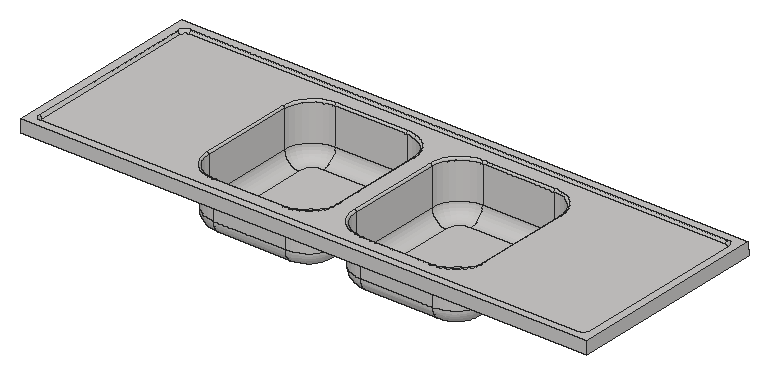
Revit family
Parameters (values of type "1500 X 535")
  Waste Connection Diameter = 40 mm
  Width Of Bowl = 400 mm
  Waste Connection Radius = Waste Connection Diameter / 2  # 20 mm
  Waste Connection = 1 = 1  # yes
  WFU = 0
  Vent Connection = 1 = 0  # no
  URL = "http://www.autospec.co.za/browse.php?id=1937217983"
  Product Code = "SSO-1500-DC"
  OmniClass Title = ""
  OmniClass Number = ""
  Modspec Classification = ""
  Specification = ""
  Material = Stainless Steel Grade 304
  Location (revit room) = ""
  Length Of Bowl = 340 mm
  HW Connection = 1 = 0  # no
  Description = ""
  Depth Of Bowl = 150 mm
  Colour = none
  CW Connection = 1 = 0  # no
  Body Finish = none
  Width = 535 mm
  Model = "Sit-On Sink Double Central Bowls SSO-1500-DC"
  Manufacturer = "Kwikot"  # constant formula
  Length = 1500 mm
  Assembly Code = "D2010410"
Reference planes
  plane 1 "Center (Front/Back)": y = 0
  plane 2 "Bottom": z = 0
  plane 3 "Center (Left/Right)": x = 0
  plane 4 "Right": x = 1500
  plane 5 "Back": y = 535
  plane 6 "Top": z = 150
  plane 7: z = 118
  plane 8: x = 385
  plane 9: x = 725
  plane 10: y = 267.5
  plane 11: y = 467.5
  plane 12: y = 67.5
  plane 13: x = 555
  plane 14: z = 142
  plane 15: x = 775
  plane 16: x = 1115
  plane 17: x = 945
  plane 18: x = 750
Forms (mm)
  Sweep 1, solid, material "Stainless Steel Grade 304" <- "Material"
    path origin (-60.109, -1524, 150) x (-1, 0, 0) y (0, -1, 0)
      loop
        line (-60.109, -2059) -> (-60.109, -1524) -> (-1560.109, -1524) -> (-1560.109, -2059) -> (-60.109, -2059)
    profile origin (750, 535, 150) x (0, 1, 0) y (0, 0, 1)
      loop
        line (-15, 0) -> (-15, -10.5) -> (-2.5, -10.5) -> (-2.5, -29.5) -> (-10, -29.5) -> (-10, -32) -> (0, -32) -> (0, 0) -> (-15, 0)
  Extrusion 2, solid, material "Stainless Steel Grade 304" <- "Material"
    sketch origin (-60.109, -1524, 150) x (-1, 0, 0) y (0, -1, 0)
      loop
        line (-75.109, -1539) -> (-1545.109, -1539) -> (-1545.109, -2044) -> (-75.109, -2044) -> (-75.109, -1539)
    from 0 to -10.5
  Extrusion 3, void
    sketch origin (-60.109, -1524, 150) x (0, -1, 0) y (-1, 0, 0)
      loop
        line (-1991.5, -520.109) -> (-1991.5, -710.109)
        arc (-1991.5, -710.109) -> (-1969.533, -763.142) -> (-1916.5, -785.109) r 75
        line (-1916.5, -785.109) -> (-1666.5, -785.109)
        arc (-1666.5, -785.109) -> (-1613.467, -763.142) -> (-1591.5, -710.109) r 75
        line (-1591.5, -710.109) -> (-1591.5, -520.109)
        arc (-1591.5, -520.109) -> (-1613.467, -467.076) -> (-1666.5, -445.109) r 75
        line (-1666.5, -445.109) -> (-1916.5, -445.109)
        arc (-1916.5, -445.109) -> (-1969.533, -467.076) -> (-1991.5, -520.109) r 75
      loop
        line (-1991.5, -910.109) -> (-1991.5, -1100.109)
        arc (-1991.5, -1100.109) -> (-1969.533, -1153.142) -> (-1916.5, -1175.109) r 75
        line (-1916.5, -1175.109) -> (-1666.5, -1175.109)
        arc (-1666.5, -1175.109) -> (-1613.467, -1153.142) -> (-1591.5, -1100.109) r 75
        line (-1591.5, -1100.109) -> (-1591.5, -910.109)
        arc (-1591.5, -910.109) -> (-1613.467, -857.076) -> (-1666.5, -835.109) r 75
        line (-1666.5, -835.109) -> (-1916.5, -835.109)
        arc (-1916.5, -835.109) -> (-1969.533, -857.076) -> (-1991.5, -910.109) r 75
    from 0 to 10.5
  Sweep 4, solid, material "Stainless Steel Grade 304" <- "Material"
    path origin (-60.109, -1524, 150) x (-1, 0, 0) y (0, -1, 0)
      loop
        arc (-520.109, -1991.5) -> (-467.076, -1969.533) -> (-445.109, -1916.5) r 75
        line (-445.109, -1916.5) -> (-445.109, -1666.5)
        arc (-445.109, -1666.5) -> (-467.076, -1613.467) -> (-520.109, -1591.5) r 75
        line (-520.109, -1591.5) -> (-710.109, -1591.5)
        arc (-710.109, -1591.5) -> (-763.142, -1613.467) -> (-785.109, -1666.5) r 75
        line (-785.109, -1666.5) -> (-785.109, -1916.5)
        arc (-785.109, -1916.5) -> (-763.142, -1969.533) -> (-710.109, -1991.5) r 75
        line (-710.109, -1991.5) -> (-520.109, -1991.5)
    profile origin (555, 467.5, 150) x (0, 1, 0) y (0, 0, 1)
      loop
        line (0, -10.5) -> (0, -110)
        arc (0, -110) -> (-10.983, -136.517) -> (-37.5, -147.5) r 37.5
        line (-37.5, -147.5) -> (-37.5, -150)
        arc (-37.5, -150) -> (-9.216, -138.284) -> (2.5, -110) r 40
        line (2.5, -110) -> (2.5, -10.5) -> (0, -10.5)
  Extrusion 5, solid, material "Stainless Steel Grade 304" <- "Material"
    sketch origin (0, 0, 0) x (1, 0, 0) y (0, 1, 0)
      loop
        arc (422.5, 142.5) -> (433.483, 115.983) -> (460, 105) r 37.5
        line (460, 105) -> (650, 105)
        arc (650, 105) -> (676.517, 115.983) -> (687.5, 142.5) r 37.5
        line (687.5, 142.5) -> (687.5, 392.5)
        arc (687.5, 392.5) -> (676.517, 419.017) -> (650, 430) r 37.5
        line (650, 430) -> (460, 430)
        arc (460, 430) -> (433.483, 419.017) -> (422.5, 392.5) r 37.5
        line (422.5, 392.5) -> (422.5, 142.5)
      loop
        circle (555, 267.5) r 20
    from 0 to 2.5
  Blend 6, void
    base sketch origin (0, 0, 150) x (-1, 0, 0) y (0, -1, 0)
      loop
        line (-20, -495) -> (-20, -40)
        arc (-20, -40) -> (-25.858, -25.858) -> (-40, -20) r 20
        line (-40, -20) -> (-1460, -20)
        arc (-1460, -20) -> (-1474.142, -25.858) -> (-1480, -40) r 20
        line (-1480, -40) -> (-1480, -495)
        arc (-1480, -495) -> (-1474.142, -509.142) -> (-1460, -515) r 20
        line (-1460, -515) -> (-40, -515)
        arc (-40, -515) -> (-25.858, -509.142) -> (-20, -495) r 20
    top sketch origin (0, 0, 150) x (-1, 0, 0) y (0, -1, 0)
      loop
        line (-25, -495) -> (-25, -40)
        arc (-25, -40) -> (-29.393, -29.393) -> (-40, -25) r 15
        line (-40, -25) -> (-1460, -25)
        arc (-1460, -25) -> (-1470.607, -29.393) -> (-1475, -40) r 15
        line (-1475, -40) -> (-1475, -495)
        arc (-1475, -495) -> (-1470.607, -505.607) -> (-1460, -510) r 15
        line (-1460, -510) -> (-40, -510)
        arc (-40, -510) -> (-29.393, -505.607) -> (-25, -495) r 15
    from 0 to -8
  Extrusion 7, solid, material "Stainless Steel Grade 304" <- "Material"
    sketch origin (0, 0, 0) x (1, 0, 0) y (0, 1, 0)
      loop
        circle (555, 267.5) r 20
    from 0 to -5
  Sweep 8, solid, material "Stainless Steel Grade 304" <- "Material"
    path origin (-60.109, -1524, 150) x (-1, 0, 0) y (0, -1, 0)
      loop
        arc (-1175.109, -1916.5) -> (-1153.142, -1969.533) -> (-1100.109, -1991.5) r 75
        line (-1100.109, -1991.5) -> (-910.109, -1991.5)
        arc (-910.109, -1991.5) -> (-857.076, -1969.533) -> (-835.109, -1916.5) r 75
        line (-835.109, -1916.5) -> (-835.109, -1666.5)
        arc (-835.109, -1666.5) -> (-857.076, -1613.467) -> (-910.109, -1591.5) r 75
        line (-910.109, -1591.5) -> (-1100.109, -1591.5)
        arc (-1100.109, -1591.5) -> (-1153.142, -1613.467) -> (-1175.109, -1666.5) r 75
        line (-1175.109, -1666.5) -> (-1175.109, -1916.5)
    profile origin (1115, 267.5, 150) x (1, 0, 0) y (0, 0, 1)
      loop
        line (0, -10.5) -> (0, -110)
        arc (0, -110) -> (-10.983, -136.517) -> (-37.5, -147.5) r 37.5
        line (-37.5, -147.5) -> (-37.5, -150)
        arc (-37.5, -150) -> (-9.216, -138.284) -> (2.5, -110) r 40
        line (2.5, -110) -> (2.5, -10.5) -> (0, -10.5)
  Extrusion 9, solid, material "Stainless Steel Grade 304" <- "Material"
    sketch origin (0, 0, 0) x (1, 0, 0) y (0, 1, 0)
      loop
        arc (812.5, 142.5) -> (823.483, 115.983) -> (850, 105) r 37.5
        line (850, 105) -> (1040, 105)
        arc (1040, 105) -> (1066.517, 115.983) -> (1077.5, 142.5) r 37.5
        line (1077.5, 142.5) -> (1077.5, 392.5)
        arc (1077.5, 392.5) -> (1066.517, 419.017) -> (1040, 430) r 37.5
        line (1040, 430) -> (850, 430)
        arc (850, 430) -> (823.483, 419.017) -> (812.5, 392.5) r 37.5
        line (812.5, 392.5) -> (812.5, 142.5)
      loop
        circle (945, 267.5) r 20
    from 0 to 2.5
  Extrusion 10, solid, material "Stainless Steel Grade 304" <- "Material"
    sketch origin (0, 0, 0) x (1, 0, 0) y (0, 1, 0)
      loop
        circle (945, 267.5) r 20
    from 0 to -5
  Sweep 11, void
    path origin (0, 0, 150) x (-1, 0, 0) y (0, -1, 0)
      loop
        line (-650, -467.5) -> (-460, -467.5)
        arc (-460, -467.5) -> (-406.967, -445.533) -> (-385, -392.5) r 75
        line (-385, -392.5) -> (-385, -142.5)
        arc (-385, -142.5) -> (-406.967, -89.467) -> (-460, -67.5) r 75
        line (-460, -67.5) -> (-650, -67.5)
        arc (-650, -67.5) -> (-703.033, -89.467) -> (-725, -142.5) r 75
        line (-725, -142.5) -> (-725, -392.5)
        arc (-725, -392.5) -> (-703.033, -445.533) -> (-650, -467.5) r 75
    profile origin (555, 467.5, 150) x (0, -1, 0) y (0, 0, 1)
      loop
        arc (-5, -8) -> (-1.464, -9.464) -> (0, -13) r 5
        line (0, -13) -> (0, -8) -> (-5, -8)
  Sweep 12, void
    path origin (0, 0, 150) x (-1, 0, 0) y (0, -1, 0)
      loop
        arc (-850, -467.5) -> (-796.967, -445.533) -> (-775, -392.5) r 75
        line (-775, -392.5) -> (-775, -142.5)
        arc (-775, -142.5) -> (-796.967, -89.467) -> (-850, -67.5) r 75
        line (-850, -67.5) -> (-1040, -67.5)
        arc (-1040, -67.5) -> (-1093.033, -89.467) -> (-1115, -142.5) r 75
        line (-1115, -142.5) -> (-1115, -392.5)
        arc (-1115, -392.5) -> (-1093.033, -445.533) -> (-1040, -467.5) r 75
        line (-1040, -467.5) -> (-850, -467.5)
    profile origin (945, 467.5, 150) x (0, 1, 0) y (0, 0, 1)
      loop
        line (0, -8) -> (0, -13)
        arc (0, -13) -> (1.464, -9.464) -> (5, -8) r 5
        line (5, -8) -> (0, -8)
Cuts and joins
  Extrusion 3, Blend 6, Sweep 11, Sweep 12 cuts Sweep 1
  Extrusion 3, Blend 6, Sweep 11, Sweep 12 cuts Extrusion 2
  Blend 6, Sweep 11, Sweep 12 cuts Sweep 4
  Blend 6, Sweep 11, Sweep 12 cuts Extrusion 5
  Sweep 11, Sweep 12 cuts Extrusion 7
  Sweep 11, Sweep 12 cuts Sweep 8
  Sweep 11, Sweep 12 cuts Extrusion 9
  Sweep 11, Sweep 12 cuts Extrusion 10
  joined: Sweep 1, Extrusion 2, Sweep 4, Extrusion 5, Extrusion 7, Sweep 8, Extrusion 9, Extrusion 10
Lines and regions (mm)
  symbolic lines
    curve 1: line (0, 535, 150) -> (0, 0, 150)
    curve 2: line (0, 0, 150) -> (1500, 0, 150)
    curve 3: line (1500, 0, 150) -> (1500, 535, 150)
    curve 4: line (1500, 535, 150) -> (0, 535, 150)
    curve 5: line (20, 40, 150) -> (20, 495, 150)
    curve 6: line (25, 495, 150) -> (25, 40, 150)
    curve 7: arc (20, 495, 150) -> (25.858, 509.142, 150) -> (40, 515, 150) r 20
    curve 8: arc (40, 510, 150) -> (29.393, 505.607, 150) -> (25, 495, 150) r 15
    curve 9: line (40, 515, 150) -> (1460, 515, 150)
    curve 10: line (1460, 510, 150) -> (40, 510, 150)
    curve 11: arc (1460, 515, 150) -> (1474.142, 509.142, 150) -> (1480, 495, 150) r 20
    curve 12: arc (1475, 495, 150) -> (1470.607, 505.607, 150) -> (1460, 510, 150) r 15
    curve 13: line (1475, 40, 150) -> (1475, 495, 150)
    curve 14: line (1480, 495, 150) -> (1480, 40, 150)
    curve 15: arc (1480, 40, 150) -> (1474.142, 25.858, 150) -> (1460, 20, 150) r 20
    curve 16: arc (1460, 25, 150) -> (1470.607, 29.393, 150) -> (1475, 40, 150) r 15
    curve 17: line (1460, 20, 150) -> (40, 20, 150)
    curve 18: line (40, 25, 150) -> (1460, 25, 150)
    curve 19: arc (40, 20, 150) -> (25.858, 25.858, 150) -> (20, 40, 150) r 20
    curve 20: arc (25, 40, 150) -> (29.393, 29.393, 150) -> (40, 25, 150) r 15
    curve 21: line (385, 392.5, 150) -> (385, 142.5, 150)
    curve 22: arc (460, 467.5, 150) -> (406.967, 445.533, 150) -> (385, 392.5, 150) r 75
    curve 23: line (650, 467.5, 150) -> (460, 467.5, 150)
    curve 24: arc (725, 392.5, 150) -> (703.033, 445.533, 150) -> (650, 467.5, 150) r 75
    curve 25: line (725, 142.5, 150) -> (725, 392.5, 150)
    curve 26: arc (650, 67.5, 150) -> (703.033, 89.467, 150) -> (725, 142.5, 150) r 75
    curve 27: line (460, 67.5, 150) -> (650, 67.5, 150)
    curve 28: arc (385, 142.5, 150) -> (406.967, 89.467, 150) -> (460, 67.5, 150) r 75
    curve 32: arc (575, 267.5, 150) -> (555, 247.5, 150) -> (535, 267.5, 150) r 20
    curve 33: arc (535, 267.5, 150) -> (555, 287.5, 150) -> (575, 267.5, 150) r 20
    curve 35: line (850, 467.5, 150) -> (1040, 467.5, 150)
    curve 36: arc (775, 392.5, 150) -> (796.967, 445.533, 150) -> (850, 467.5, 150) r 75
    curve 37: line (775, 142.5, 150) -> (775, 392.5, 150)
    curve 38: arc (1040, 467.5, 150) -> (1093.033, 445.533, 150) -> (1115, 392.5, 150) r 75
    curve 39: line (1115, 392.5, 150) -> (1115, 142.5, 150)
    curve 40: arc (1115, 142.5, 150) -> (1093.033, 89.467, 150) -> (1040, 67.5, 150) r 75
    curve 41: line (1040, 67.5, 150) -> (850, 67.5, 150)
    curve 42: arc (850, 67.5, 150) -> (796.967, 89.467, 150) -> (775, 142.5, 150) r 75
    curve 43: arc (965, 267.5, 150) -> (945, 247.5, 150) -> (925, 267.5, 150) r 20
    curve 44: arc (925, 267.5, 150) -> (945, 287.5, 150) -> (965, 267.5, 150) r 20
  model lines
    curve 29: line (365, 485, 142) -> (365, 60, 142)
    curve 30: line (50, 60, 142) -> (365, 60, 142)
    curve 31: line (365, 460, 142) -> (50, 460, 142)
    curve 34: line (50, 485, 142) -> (50, 60, 142)
    curve 45: line (365, 485, 142) -> (50, 485, 142)
    curve 46: line (365, 435, 142) -> (50, 435, 142)
    curve 47: line (365, 410, 142) -> (50, 410, 142)
    curve 48: line (365, 385, 142) -> (50, 385, 142)
    curve 49: line (365, 360, 142) -> (50, 360, 142)
    curve 50: line (365, 335, 142) -> (50, 335, 142)
    curve 51: line (365, 310, 142) -> (50, 310, 142)
    curve 52: line (365, 285, 142) -> (50, 285, 142)
    curve 53: line (365, 235, 142) -> (50, 235, 142)
    curve 54: line (365, 210, 142) -> (50, 210, 142)
    curve 55: line (365, 185, 142) -> (50, 185, 142)
    curve 56: line (365, 160, 142) -> (50, 160, 142)
    curve 57: line (365, 135, 142) -> (50, 135, 142)
    curve 58: line (365, 110, 142) -> (50, 110, 142)
    curve 59: line (365, 85, 142) -> (50, 85, 142)
    curve 60: line (50, 260, 142) -> (365, 260, 142)
    curve 61: line (1135, 485, 142) -> (1450, 485, 142)
    curve 62: line (1135, 60, 142) -> (1135, 485, 142)
    curve 63: line (1450, 60, 142) -> (1135, 60, 142)
    curve 64: line (1450, 485, 142) -> (1450, 60, 142)
    curve 65: line (1450, 460, 142) -> (1135, 460, 142)
    curve 66: line (1450, 435, 142) -> (1135, 435, 142)
    curve 67: line (1450, 410, 142) -> (1135, 410, 142)
    curve 68: line (1450, 385, 142) -> (1135, 385, 142)
    curve 69: line (1450, 360, 142) -> (1135, 360, 142)
    curve 70: line (1450, 335, 142) -> (1135, 335, 142)
    curve 71: line (1450, 310, 142) -> (1135, 310, 142)
    curve 72: line (1450, 285, 142) -> (1135, 285, 142)
    curve 73: line (1450, 260, 142) -> (1135, 260, 142)
    curve 74: line (1450, 235, 142) -> (1135, 235, 142)
    curve 75: line (1450, 210, 142) -> (1135, 210, 142)
    curve 76: line (1450, 185, 142) -> (1135, 185, 142)
    curve 77: line (1450, 160, 142) -> (1135, 160, 142)
    curve 78: line (1450, 135, 142) -> (1135, 135, 142)
    curve 79: line (1450, 110, 142) -> (1135, 110, 142)
    curve 80: line (1450, 85, 142) -> (1135, 85, 142)
Dimensions and locks
  "Length": plane 3 "Center (Left/Right)" to plane 4 "Right"
  "Width": plane 5 "Back" to plane 1 "Center (Front/Back)"
  "Depth Of Bowl": plane 6 "Top" to plane 2 "Bottom"
  equal spacing: plane 1 "Center (Front/Back)", plane 10, plane 5 "Back"
  "Length Of Bowl": plane 8 to plane 9
  "Width Of Bowl": plane 11 to plane 12
  equal spacing: plane 11, plane 10, plane 12
  equal spacing: plane 8, plane 13, plane 9
  plane 6 "Top" to plane 7 = 32 mm
  Sweep 1 sketch curve to plane 5 "Back" = 10 mm
  Sweep 1 sketch curve to plane 5 "Back" = 15 mm
  plane 6 "Top" to Sweep 1 sketch curve = 10.5 mm
  Sweep 1 sketch curve to plane 5 "Back" = 2.5 mm
  plane 7 to Sweep 1 sketch curve = 2.5 mm
  plane 3 "Center (Left/Right)" to Blend 6 sketch curve = 20 mm
  Blend 6 sketch curve to plane 4 "Right" = 20 mm
  plane 5 "Back" to Blend 6 sketch curve = 20 mm
  plane 1 "Center (Front/Back)" to Blend 6 sketch curve = 20 mm
  var sketch to Blend 6 sketch curve = 5 mm  (x3)
  Blend 6 sketch curve to var sketch = 5 mm
  plane 6 "Top" to plane 14 = 8 mm
  "Length Of Bowl": plane 15 to plane 16
  equal spacing: plane 15, plane 17, plane 16
  plane 9 to plane 15 = 50 mm
  plane 3 "Center (Left/Right)" to curve 34 = 50 mm
  equal spacing: plane 3 "Center (Left/Right)", plane 18, plane 4 "Right"
  equal spacing: plane 9, plane 18, plane 15
  curve 64 to plane 4 "Right" = 50 mm
  radius of Extrusion 3 sketch curve = 75 mm  (x8)
  radius of Sweep 4 sketch curve = 37.5 mm
  radius of Sweep 4 sketch curve = 40 mm
  "Waste Connection Radius": radius of Extrusion 5 sketch curve
  radius of Blend 6 sketch curve = 20 mm  (x4)
  radius of Blend 6 sketch curve = 15 mm  (x4)
  radius of Sweep 8 sketch curve = 37.5 mm
  radius of Sweep 8 sketch curve = 40 mm
  "Waste Connection Radius": radius of Extrusion 9 sketch curve
  aligned and locked: level to plane 2 "Bottom"
  aligned and locked: Sweep 1 sketch curve to plane 5 "Back"
  aligned and locked: plane 3 "Center (Left/Right)" to Sweep 1 sketch curve
  aligned and locked: Sweep 1 sketch curve to plane 1 "Center (Front/Back)"
  aligned and locked: plane 4 "Right" to Sweep 1 sketch curve
  aligned and locked: Sweep 1 sketch curve to profile plane
  aligned and locked: plane 7 to Sweep 1 sketch curve
  aligned and locked: profile plane to Sweep 1 sketch curve
  aligned and locked: Extrusion 2 sketch curve to Sweep 1  (x4)
  aligned and locked: Sweep 1 to Extrusion 2
  aligned and locked: plane 6 "Top" to Extrusion 2
  aligned and locked: plane 11 to Extrusion 3 sketch curve  (x2)
  aligned and locked: Extrusion 3 sketch curve to plane 8
  aligned and locked: Extrusion 3 sketch curve to plane 12  (x2)
  aligned and locked: plane 9 to Extrusion 3 sketch curve
  aligned and locked: Sweep 1 to Extrusion 3
  aligned and locked: plane 6 "Top" to Extrusion 3
  aligned and locked: Sweep 4 sketch curve to cut or joined group 1 (Sweep 1, Extrusion 2, Extrusion 3, Sweep 4, Extrusion 5, Blend 6, Extrusion 7, Sweep 8, Extrusion 9, Extrusion 10, Sweep 11, Sweep 12)  (x5)
  aligned and locked: cut or joined group 1 to Sweep 4 sketch curve
  aligned and locked: plane 2 "Bottom" to Sweep 4 sketch curve
  aligned and locked: Extrusion 5 sketch curve to cut or joined group 1  (x4)
  aligned and locked: plane 10 to Extrusion 5 sketch curve
  aligned and locked: curve 1 to cut or joined group 1
  aligned and locked: curve 2 to cut or joined group 1
  aligned and locked: curve 3 to cut or joined group 1
  aligned and locked: curve 4 to cut or joined group 1
  aligned and locked: curve 7 to cut or joined group 1
  aligned and locked: curve 8 to cut or joined group 1
  aligned and locked: curve 11 to cut or joined group 1
  aligned and locked: curve 12 to cut or joined group 1
  aligned and locked: curve 15 to cut or joined group 1
  aligned and locked: curve 16 to cut or joined group 1
  aligned and locked: curve 19 to cut or joined group 1
  aligned and locked: curve 20 to cut or joined group 1
  aligned and locked: curve 22 to cut or joined group 1
  aligned and locked: curve 24 to cut or joined group 1
  aligned and locked: curve 26 to cut or joined group 1
  aligned and locked: curve 28 to cut or joined group 1
  aligned and locked: Extrusion 7 sketch curve to cut or joined group 1  (x2)
  aligned and locked: curve 32 to cut or joined group 1
  aligned and locked: curve 33 to cut or joined group 1
  aligned and locked: plane 13 to Extrusion 5 sketch curve
  aligned and locked: Extrusion 3 sketch curve to plane 15
  aligned and locked: plane 16 to Extrusion 3 sketch curve
  aligned and locked: Sweep 8 sketch curve to cut or joined group 1  (x4)
  aligned and locked: cut or joined group 1 to Sweep 8 sketch curve
  aligned and locked: Sweep 8 sketch curve to profile plane
  aligned and locked: plane 2 "Bottom" to Sweep 8 sketch curve
  aligned and locked: Extrusion 9 sketch curve to Sweep 8  (x4)
  aligned and locked: plane 17 to Extrusion 9 sketch curve
  aligned and locked: plane 10 to Extrusion 9 sketch curve
  aligned and locked: Extrusion 10 sketch curve to cut or joined group 1  (x2)
  aligned and locked: Sweep 11 sketch curve to cut or joined group 1  (x4)
  aligned and locked: cut or joined group 1 to Sweep 11 sketch curve
  aligned and locked: profile plane to Sweep 11 sketch curve
  aligned and locked: curve 36 to cut or joined group 1
  aligned and locked: curve 38 to cut or joined group 1
  aligned and locked: curve 40 to cut or joined group 1
  aligned and locked: curve 42 to cut or joined group 1
  aligned and locked: curve 43 to cut or joined group 1
  aligned and locked: curve 44 to cut or joined group 1
  aligned and locked: Sweep 12 sketch curve to cut or joined group 1  (x4)
  aligned and locked: profile plane to Sweep 12 sketch curve
  aligned and locked: cut or joined group 1 to Sweep 12 sketch curve
Automatic sketch dimensions
  Sweep 4 sketch curve to Sweep 4 sketch curve = 0 mm
  Sweep 8 sketch curve to Sweep 8 sketch curve = 0 mm
  Sweep 11 sketch curve to Sweep 11 sketch curve = 5 mm  (x4)
  Sweep 11 sketch curve to profile plane = 0 mm
  Sweep 12 sketch curve to Sweep 12 sketch curve = 5 mm  (x2)
  Sweep 12 sketch curve to Sweep 12 sketch curve = 0 mm  (x2)
  Sweep 12 sketch curve to profile plane = 0 mm
  plane 11 to curve 29 = 17.5 mm
  curve 29 to plane 8 = 20 mm
  plane 11 to curve 61 = 17.5 mm
  plane 16 to curve 61 = 20 mm
  curve 64 to plane 12 = 7.5 mm
  curve 31 to plane 11 = 7.5 mm
  curve 31 to curve 46 = 25 mm
  curve 46 to curve 47 = 25 mm
  curve 47 to curve 48 = 25 mm
  curve 48 to curve 49 = 25 mm
  curve 49 to curve 50 = 25 mm
  curve 50 to curve 51 = 25 mm
  plane 10 to curve 52 = 17.5 mm
  curve 60 to plane 10 = 7.5 mm
  curve 60 to curve 53 = 25 mm
  curve 53 to curve 54 = 25 mm
  curve 54 to curve 55 = 25 mm
  curve 55 to curve 56 = 25 mm
  curve 56 to curve 57 = 25 mm
  curve 57 to curve 58 = 25 mm
  plane 12 to curve 59 = 17.5 mm
  curve 34 to plane 12 = 7.5 mm
  curve 65 to plane 11 = 7.5 mm
  curve 65 to curve 66 = 25 mm
  curve 66 to curve 67 = 25 mm
  curve 67 to curve 68 = 25 mm
  curve 68 to curve 69 = 25 mm
  curve 69 to curve 70 = 25 mm
  curve 70 to curve 71 = 25 mm
  plane 10 to curve 72 = 17.5 mm
  curve 73 to plane 10 = 7.5 mm
  curve 73 to curve 74 = 25 mm
  curve 74 to curve 75 = 25 mm
  curve 75 to curve 76 = 25 mm
  curve 76 to curve 77 = 25 mm
  curve 77 to curve 78 = 25 mm
  curve 78 to curve 79 = 25 mm
  plane 12 to curve 80 = 17.5 mm
Connectors
  piping at (555, 267.5, -5), driven by "Waste Connection Radius", driven by "WFU"
    settings: on cut or joined group 1, index 1, connector radius 20 mm, flow factor 0, pipe flow 0.0 L/s, pressure drop 0.0 Pa, fitting loss kfactor 0, connector angle 0.00°, fixture units 0, flow configuration 3, flow direction 2, fitting loss method 4, system type 16, connector reference index -1, connector utility 0, adjustable connector no, is connector primary yes, fitting loss table "", connector description "Waste Connection"
  piping at (945, 267.5, -5), driven by "Waste Connection Radius", driven by "WFU"
    settings: on cut or joined group 1, index 2, connector radius 20 mm, flow factor 0, pipe flow 0.0 L/s, pressure drop 0.0 Pa, fitting loss kfactor 0, connector angle 0.00°, fixture units 0, flow configuration 3, flow direction 2, fitting loss method 4, system type 16, connector reference index -1, connector utility 0, adjustable connector no, is connector primary no, fitting loss table "", connector description "Waste Connection"
